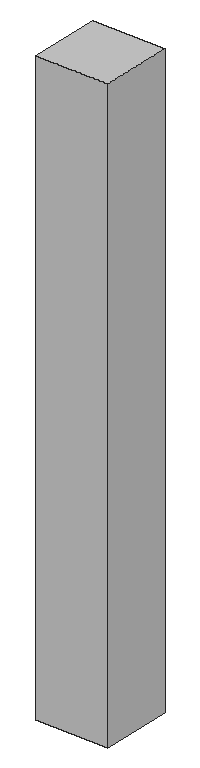
Revit family "b618449825694fcab243e2348c4c99f2", category Structural Columns, Revit 2023
Family settings
  Display in Hidden Views = Edges Hidden by Other Members
  Section Shape = Not Defined
  Material for Model Behavior = Concrete
  Always export as geometry = No
  Beam cutback in plan = From bounding box
  Cut with Voids When Loaded = No
  Symbolic Representation = From Family
  Shared = No
  Show family pre-cut in plan views = Yes
Parameters (values of type "300 x 300mm")
  b = 300 mm
  Structural Material [instance] = Concrete - Cast-in-Place Concrete
  Keynote = "E"
Types (5, lengths in mm): name | b
  (no name) | 300
  300 x 300mm | 300
  450 x 450mm | 450
  600 x 600mm | 600
  750 x 750mm | 750
Reference planes
  plane 1 "Center (Front/Back)": y = 0
  plane 2: z = 0
  plane 3 "Center (Left/Right)": x = 0
  plane 4: x = -150
  plane 5: x = 150
  plane 6: y = 150
  plane 7: y = -150
Forms (mm)
  Extrusion 1, solid, material "Concrete - Cast-in-Place Concrete" <- "Structural Material"
    sketch origin (0, 0, 0) x (1, 0, 0) y (0, 1, 0)
      loop
        line (-150, 150) -> (-150, -150) -> (150, -150) -> (150, 150) -> (-150, 150)
    from 0 to 2500
Dimensions and locks
  equal spacing: plane 4, plane 3 "Center (Left/Right)", plane 5
  equal spacing: plane 7, plane 1 "Center (Front/Back)", plane 6
  "b": plane 7 to plane 6
  "b": plane 4 to plane 5
  aligned and locked: plane 6 to Extrusion 1 sketch curve
  aligned and locked: Extrusion 1 sketch curve to plane 7
  aligned and locked: Extrusion 1 sketch curve to plane 4
  aligned and locked: plane 5 to Extrusion 1 sketch curve
  aligned and locked: level to Extrusion 1
  aligned and locked: level to plane 2
  aligned and locked: Extrusion 1 to plane 2
